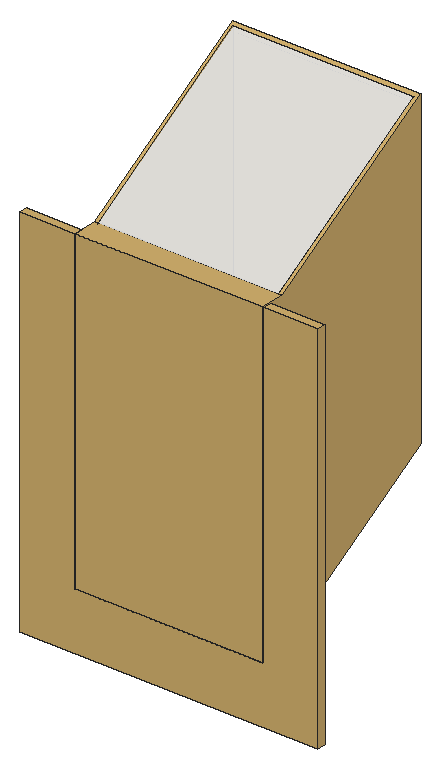
Revit family "3-500-xx Uno Wall Sconce", category Lighting Fixtures, host Wall, Revit 2018
Family settings
  Host = Wall
  Round Connector Dimension = Use Diameter
  Part Type = Normal
  OmniClass Number = 23.80.70.00
  OmniClass Title = Lighting
  Always vertical = Yes
  Cut with Voids When Loaded = No
  Light Source = Yes
  Shared = No
  Room Calculation Point = No
Parameters (values of type "3-500-40 / Aged Brass - Perforated Metal")
  Wattage Comments = "1 x 7.0 W at 120 V"  # constant formula
  Wattage = 9.2903 W
  built-in parameter 1150110 = 1 (stored number, unit not read)
  Voltage Input = "120 V or 277 V - 50/60 Hz"  # constant formula
  Voltage = 120 V
  URL = "www.oxygenlighting.com"
  built-in parameter 1114217 = 1 (stored number, unit not read)
  built-in parameter 1150109 = 1 (stored number, unit not read)
  built-in parameter 1150134 = (empty or 0)
  built-in parameter 1150113 = 1 (stored number, unit not read)
  References = "Ref. 3 = 120 V / Ref. 37 = 277 V"  # constant formula
  Optional Cover Plate (Included) [instance] = yes
  Model = "3-500-xx / Uno Wall Sconce"  # constant formula
  Metal Finish = 40 - Aged Brass
  Manufacturer = "Oxygen Lighting and Fans"  # constant formula
  Main Diffuser = Perforated Metal
  Lumens = 1380 lm
  built-in parameter 1150115 = 1 (stored number, unit not read)
  built-in parameter 1150105 = 109.82 (stored number, unit not read)
  Light Source Symbol Size = 24.00"
  built-in parameter 1150137 = (empty or 0)
  built-in parameter 1150139 = (empty or 0)
  built-in parameter 1150112 = 1 (stored number, unit not read)
  built-in parameter 1150114 = 1 (stored number, unit not read)
  Lamp = "LED (not included)"  # constant formula
  built-in parameter 1150132 = 2
  built-in parameter 1150102 = (empty or 0)
  built-in parameter 1150138 = (empty or 0)
  built-in parameter 1150107 = 3000 (stored number, unit not read)
  built-in parameter 1150106 = 1.0982 (stored number, unit not read)
  built-in parameter 1150104 = 13.8 (stored number, unit not read)
  Dimming Lamp Color Temperature Shift = <None>
  Color Filter = 16777215
  built-in parameter 1114218 = 1 (stored number, unit not read)
  built-in parameter 1150133 = 10 (stored number, unit not read)
Types (2): name | Metal Finish
  3-500-18 / Gunmetal - Perforated Metal | 18 - Gunmetal
  3-500-40 / Aged Brass - Perforated Metal | 40 - Aged Brass
Reference planes (in)
  plane 1: y = 0
  plane 2 "Light Source Axis (L/R)": x = 4.92126
  plane 3 "Light Source Axis (F/R)": y = 4.65551
  plane 4 "Light Source Elevation": z = 39.98994
  plane 5: y = 2.95276
  plane 6: z = 43.31563
Text (in)
  text "Placement side" at (-70.3598, 43.96769, 0), in view "Ref. Level"
  text "Placement side" at (0, 83.08644, 117.56134), in view "Left"
  text "Placement side" at (0, 24.74324, 118.58137), in view "Right"
Dimensions and locks (in)
  locked: plane 3 "Light Source Axis (F/R)" to plane 5 at 1.70276
  locked: plane 4 "Light Source Elevation" to plane 6 at 3.32569
  aligned and locked: plane 1 to host wall
  aligned and locked: plane 2 "Light Source Axis (L/R)" to imposter light
  aligned and locked: plane 3 "Light Source Axis (F/R)" to imposter light
  aligned and locked: plane 4 "Light Source Elevation" to imposter light
  aligned and locked: plane 5 to host wall
  aligned and locked: plane 2 "Light Source Axis (L/R)" to nested 1
  aligned and locked: nested 1 to plane 5
  aligned and locked: plane 6 to nested 1
Nested families (in)
  nested 1: "Base" at (4.92126, 2.95276, 38.64563), Optional Cover Plate (Included) <- "Optional Cover Plate (Included)", type "Base"
    with Optional Cover Plate (Included) yes
Connectors (in)
  electrical at (4.92126, 2.95276, 39.10563), driven by "Voltage"
    settings: on nested 1, index 1, voltage 120 V, apparent load 0 VA, apparent load phase1 0 VA, apparent load phase2 0 VA, apparent load phase3 0 VA, power factor 1, load classification "Other", number of poles 1, system type 31, power factor state 1, is connector primary yes, connector utility no, sub classification motor no, connector description ""
Definition of nested family "Base"
  Parameters (values of type "Family3")
    Optional Cover Plate (Included) [instance] = yes
    Metal Finish = none
    Main Diffuser = none
  Reference planes (in)
    plane 1 "Center (Front/Back)": y = 0
    plane 2: z = 0
    plane 3 "Center (Left/Right)": x = 0
  Forms (in)
    Extrusion 1, solid, material <- "Metal Finish", visible <- "Optional Cover Plate (Included)"
      sketch origin (-4.92126, 0.13, -47.24409) x (1, 0, 0) y (0, 0, 1)
        loop
          line (7.29626, 50.24409) -> (6.42126, 50.24409) -> (6.42126, 45.16409) -> (3.42126, 45.16409) -> (3.42126, 50.24409) -> (2.54626, 50.24409) -> (2.54626, 44.24409) -> (7.29626, 44.24409) -> (7.29626, 50.24409)
      from 0 to 0.13
    Extrusion 2, solid, material <- "Metal Finish"
      sketch origin (0, 0, 0) x (0, 1, 0) y (0, 0, 1)
        loop
          line (0, -2.08) -> (0.26, -2.08) -> (3.14, -0.33) -> (3.14, 4.67) -> (0.39166, 3) -> (0, 3) -> (0, -2.08)
      from -1.5 to 1.5
    Extrusion 3, void
      sketch origin (0, 0, 0) x (0, 1, 0) y (0, 0, 1)
        loop
          line (0.19, -2.05233) -> (3.08, -0.29625) -> (3.08, 4.63354) -> (0.19, 2.87747) -> (0.19, -2.05233)
      from -1.44 to 1.44
    Extrusion 4, solid, material <- "Main Diffuser"
      sketch origin (0, 0, 0) x (0, 1, 0) y (0, 0, 1)
        loop
          line (3.08, 4.63354) -> (0.19, 2.87747) -> (0.19, 2.80726) -> (3.08, 4.56333) -> (3.08, 4.63354)
      from -1.44 to 1.44
  Cuts and joins
    Extrusion 3 cuts Extrusion 2
  Dimensions and locks (in)
    aligned and locked: level to plane 2
